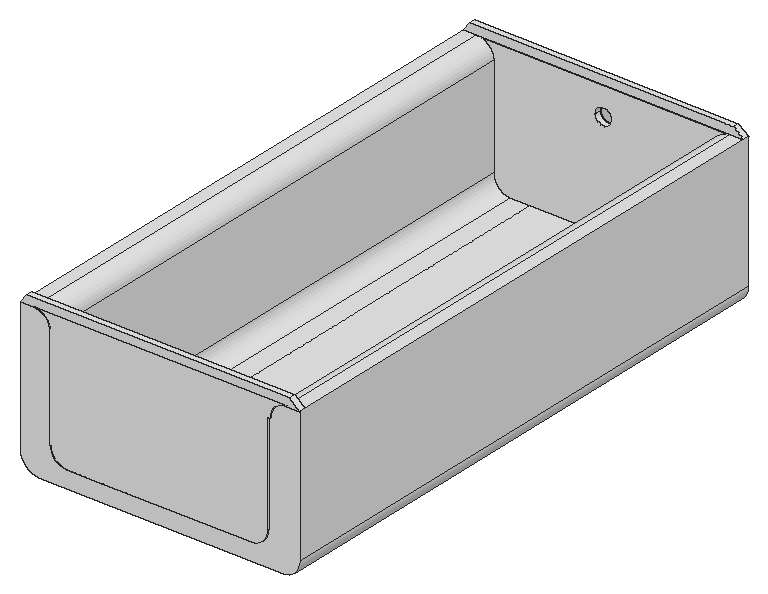
Revit family
Reference planes (in)
  plane 1 "Center (Front/Back)": y = 0
  plane 2: z = 0
  plane 3 "Center (Left/Right)": x = 0
Forms (in)
  Extrusion 1, solid, material "High Gloss Acrylic"
    sketch origin (0, 0, -1.0767) x (1, 0, 0) y (0, 0, 1)
      loop
        arc (-14.82732, 3.0767) -> (-14.24154, 1.66248) -> (-12.82732, 1.0767) r 2
        line (-12.82732, 1.0767) -> (13.26038, 1.0767)
        arc (13.26038, 1.0767) -> (14.52419, 1.60018) -> (15.04768, 2.86399) r 1.78729
        line (15.04768, 2.86399) -> (15.04768, 17.19809) -> (13.63999, 17.19809)
        arc (13.63999, 17.19809) -> (12.37618, 16.6746) -> (11.85269, 15.41079) r 1.78729
        line (11.85269, 15.41079) -> (11.63234, 15.41079) -> (11.63234, 4.68703)
        arc (11.63234, 4.68703) -> (11.10886, 3.42322) -> (9.84505, 2.89974) r 1.78729
        line (9.84505, 2.89974) -> (-7.68221, 2.89974) -> (-9.84505, 2.89974)
        arc (-9.84505, 2.89974) -> (-11.10886, 3.42322) -> (-11.63234, 4.68703) r 1.78729
        line (-11.63234, 4.68703) -> (-11.63234, 15.41079)
        arc (-11.63234, 15.41079) -> (-12.15583, 16.6746) -> (-13.41964, 17.19809) r 1.78729
        line (-13.41964, 17.19809) -> (-14.82732, 17.19809) -> (-14.82732, 3.0767)
    from 0 to 59.75
  Extrusion 2, solid, material "High Gloss Acrylic"
    sketch origin (0, 0, -1.0767) x (1, 0, 0) y (0, 0, 1)
      loop
        line (-11.63234, 15.31742) -> (-11.63234, 4.68703)
        arc (-11.63234, 4.68703) -> (-11.10886, 3.42322) -> (-9.84505, 2.89974) r 1.78729
        line (-9.84505, 2.89974) -> (-7.68221, 2.89974) -> (9.84505, 2.89974)
        arc (9.84505, 2.89974) -> (11.10886, 3.42322) -> (11.63234, 4.68703) r 1.78729
        line (11.63234, 4.68703) -> (11.63234, 15.41079) -> (11.85513, 15.41079)
        arc (11.85513, 15.41079) -> (12.40964, 16.61382) -> (13.63999, 17.10471) r 1.78729
        line (13.63999, 17.10471) -> (-13.41964, 17.10471)
        arc (-13.41964, 17.10471) -> (-12.15583, 16.58123) -> (-11.63234, 15.31742) r 1.78729
    from 0 to 0.63835
  Extrusion 3, solid, material "High Gloss Acrylic"
    sketch origin (0, -59.125, -1.0767) x (1, 0, 0) y (0, 0, 1)
      loop
        line (-11.63234, 15.41079) -> (-11.63234, 4.68703)
        arc (-11.63234, 4.68703) -> (-11.10886, 3.42322) -> (-9.84505, 2.89974) r 1.78729
        line (-9.84505, 2.89974) -> (-7.68221, 2.89974) -> (9.84505, 2.89974)
        arc (9.84505, 2.89974) -> (11.10886, 3.42322) -> (11.63234, 4.68703) r 1.78729
        line (11.63234, 4.68703) -> (11.63234, 15.41079) -> (11.85269, 15.41079)
        arc (11.85269, 15.41079) -> (12.37618, 16.6746) -> (13.63999, 17.19809) r 1.78729
        line (13.63999, 17.19809) -> (-13.41964, 17.19809)
        arc (-13.41964, 17.19809) -> (-12.15583, 16.6746) -> (-11.63234, 15.41079) r 1.78729
    from 0 to 0.63835
  Extrusion 4, solid, material "High Gloss Acrylic"
    sketch origin (0, 0, -1.0767) x (1, 0, 0) y (0, 0, 1)
      loop
        line (-14.82732, 17.19809) -> (15.04768, 17.19809) -> (13.96902, 18.09173) -> (-14.15709, 18.09173) -> (-14.82732, 17.19809)
    from 0 to 0.63835
  Extrusion 5, solid, material "High Gloss Acrylic"
    sketch origin (0, -59.125, -1.0767) x (1, 0, 0) y (0, 0, 1)
      loop
        line (-14.82732, 17.19809) -> (15.04768, 17.19809) -> (13.96902, 18.09173) -> (-14.15709, 18.09173) -> (-14.82732, 17.19809)
    from 0 to 0.63835
  Extrusion 6, void
    sketch origin (0, 0, -1.0767) x (1, 0, 0) y (0, 0, 1)
      loop
        circle (0.11018, 14.15969) r 0.89365
    from 0 to 12
  Extrusion 7, void
    sketch origin (0, 0, -1.0767) x (0, -1, 0) y (1, 0, 0)
      loop
        circle (8.01335, 0) r 0.75
    from -7.07931 to 1.9233
  Sweep 8, solid
    path origin (0.125, 0, 0) x (0, 1, 0) y (0, 0, 1)
      loop
        line (0, 13.08299) -> (1.5, 13.08299) -> (1.5, -2.04201) -> (-8.125, -2.04201) -> (-8.125, 0)
    profile origin (0.125, 0.75, 13.08299) x (0, 0, 1) y (1, 0, 0)
      loop
        circle (0, 0) r 0.75
  Extrusion 9, solid
    sketch origin (0, 0, 0) x (1, 0, 0) y (0, 1, 0)
      loop
        circle (0.125, 1.49332) r 0.75
    from -8.19758 to -2.80763
Cuts and joins
  Extrusion 6, Extrusion 7 cuts Extrusion 1
  Extrusion 6 cuts Extrusion 2
